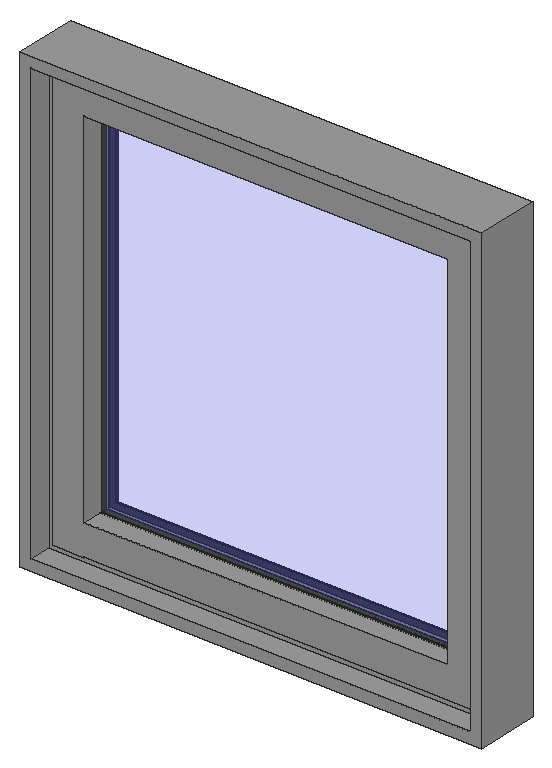
Revit family "SS_5_LAP IP001_v02", category Windows, host Wall, Revit 2015
Parameters
  Wall Thickness [instance] = 0' - 6"
  URL = "obe.com"
  Rough Width = Width + 0' 0 1/2"  # 3' - 0 1/2"
  Rough Height = Height + 0' 0 1/2"  # 3' - 0 1/2"
  Offset Limitation [instance] = if((Offset + 0' 5") > Wall Thickness, (Wall Thickness - 0' 5"), Offset)  # 0' - 0"
  Offset [instance] = 0' - 0"
  Model = "SS_5_LAP IP001"
  Manufacturer = "Oldcastle BuildingEnvelope®"
  Keynote = "08 51 00"
  Height = 3' - 0"
  Glass Material = Glass
  Gasket Material = Gasket
  Frame Material = Aluminum
  Description = "SIGNATURE SERIES 5 LAP"
  Default Sill Height = 3' - 0"
  Wall Closure = By host
  Width = 3' - 0"
  Assembly Code = "B2020"
Reference planes (in)
  plane 1 "Center (Front/Back)": y = 0
  plane 2: z = 0
  plane 3 "Center (Left/Right)": x = 0
  plane 4 "Left": x = -18.25
  plane 5 "Right": x = 18.25
  plane 6 "Sill": z = 36
  plane 7 "Top": z = 72.5
  plane 8: x = 18
  plane 9: x = -18
  plane 10: z = 72.25
  plane 11: z = 36.25
  plane 12 "Offset": y = 3
  plane 13: z = 39.25
  plane 14: z = 69.25
  plane 15 "INT": y = 1.451
Forms (in)
  Sweep 1, solid, material "Aluminum" <- "Frame Material"
    path origin (0, 3, 0) x (1, 0, 0) y (0, 0, 1)
      loop
        line (18, 72.5) -> (18, 36)
    profile origin (18, 3, 54.25) x (0, -1, 0) y (1, 0, 0)
      loop
        line (5.00003, 0.25) -> (0, 0.25) -> (0, -2.25) -> (0.08, -2.25) -> (0.08, -1.375) -> (3.25003, -1.375) -> (3.25003, -0.625) -> (5.00003, -0.625) -> (5.00003, 0.25)
  Sweep 2, solid, material "Aluminum" <- "Frame Material"
    path origin (0, 3, 0) x (-1, 0, 0) y (0, 0, 1)
      loop
        line (18, 72.5) -> (18, 36)
    profile origin (-18, 3, 54.25) x (0, -1, 0) y (1, 0, 0)
      loop
        line (5.00003, -0.25) -> (5.00003, 0.625) -> (3.25003, 0.625) -> (3.25003, 1.375) -> (0.08, 1.375) -> (0.08, 2.25) -> (0, 2.25) -> (0, -0.25) -> (5.00003, -0.25)
  Sweep 3, solid, material "Aluminum" <- "Frame Material"
    path origin (0, 3, 0) x (1, 0, 0) y (0, 0, 1)
      loop
        line (18.25, 72.25) -> (-18.25, 72.25)
    profile origin (0, 3, 72.25) x (0, 0, -1) y (0, -1, 0)
      loop
        line (-0.25, 0) -> (2.25, 0) -> (2.25, 0.08) -> (1.375, 0.08) -> (1.375, 3.25003) -> (0.625, 3.25003) -> (0.625, 5.00003) -> (-0.25, 5.00003) -> (-0.25, 0)
  Sweep 4, solid, material "Aluminum" <- "Frame Material"
    path origin (0, 3, 120.5) x (1, 0, 0) y (0, 0, -1)
      loop
        line (18.25, 84.25) -> (-18.25, 84.25)
    profile origin (0, 3, 36.25) x (0, 0, -1) y (0, -1, 0)
      loop
        line (0.25, 0) -> (0.25, 5.00003) -> (-0.625, 5.00003) -> (-0.625, 3.24999) -> (-1.375, 3.24999) -> (-1.375, 0.07997) -> (-2.25, 0.07997) -> (-2.25, 0) -> (0.25, 0)
  Sweep 5, solid, material "Gasket" <- "Gasket Material", detail levels fine
    path origin (0, 3, 0) x (1, 0, 0) y (0, 0, 1)
      loop
        line (14.375, 68.625) -> (-14.375, 68.625) -> (-14.375, 39.875) -> (14.375, 39.875) -> (14.375, 68.625)
    profile origin (0, 3, 68.625) x (0, 0, -1) y (0, -1, 0)
      loop
        line (0.014, 0.424) -> (0.014, 0.27489) -> (0.05125, 0.28625) -> (0.15422, 0.549) -> (-0.34093, 0.549) -> (-0.34093, 0.424) -> (0.014, 0.424)
  Sweep 6, solid, material "Gasket" <- "Gasket Material", detail levels fine
    path origin (0, 3, 0) x (1, 0, 0) y (0, 0, 1)
      loop
        line (14.22078, 68.47078) -> (-14.22078, 68.47078) -> (-14.22078, 40.02922) -> (14.22078, 40.02922) -> (14.22078, 68.47078)
    profile origin (0, 3, 68.47078) x (0, 0, -1) y (0, -1, 0)
      loop
        line (-0.31543, 1.749) -> (-0.3863, 1.66148) -> (-0.47673, 1.58826)
        arc (-0.47673, 1.58826) -> (-0.48814, 1.57024) -> (-0.4863, 1.549) r 0.03334
        line (-0.4863, 1.549) -> (-0.02922, 1.549) -> (-0.10919, 1.80922)
        arc (-0.10919, 1.80922) -> (-0.12756, 1.82771) -> (-0.1532, 1.82306) r 0.028
        line (-0.1532, 1.82306) -> (-0.14209, 1.749) -> (-0.31543, 1.749)
  Extrusion 7, solid, material "Glass" <- "Glass Material"
    sketch origin (0, 0, 36) x (0, -1, 0) y (1, 0, 0)
      loop
        line (-1.451, 15) -> (-2.451, 15) -> (-2.451, -15) -> (-1.451, -15) -> (-1.451, 15)
    from 3.25 to 33.25
  Sweep 8, solid, material "Aluminum" <- "Frame Material"
    path origin (0, 3, 0) x (1, 0, 0) y (0, 0, 1)
      loop
        line (-18, 37.38491) -> (-18, 71.1162)
    profile origin (-18, 3, 54.25056) x (-1, 0, 0) y (0, -1, 0)
      loop
        line (-3.625, 3.5) -> (-3.625, 1.749) -> (-3, 1.749) -> (-3, 0.424) -> (-3.625, 0.424) -> (-3.625, 0.25) -> (-1.82773, 0.25) -> (-1.82773, 3.375) -> (-1.1338, 3.375) -> (-1.15625, 3.5) -> (-3.625, 3.5)
  Sweep 9, solid, material "Aluminum" <- "Frame Material"
    path origin (0, 3, 0) x (1, 0, 0) y (0, 0, 1)
      loop
        line (18, 37.38491) -> (18, 71.1162)
    profile origin (18, 3, 54.25056) x (-1, 0, 0) y (0, -1, 0)
      loop
        line (1.82773, 0.25) -> (3.625, 0.25) -> (3.625, 0.424) -> (3, 0.424) -> (3, 1.749) -> (3.625, 1.749) -> (3.625, 3.5) -> (1.15625, 3.5) -> (1.1338, 3.375) -> (1.82773, 3.375) -> (1.82773, 0.25)
  Sweep 10, solid, material "Aluminum" <- "Frame Material"
    path origin (0, 3, 0) x (1, 0, 0) y (0, 0, 1)
      loop
        line (16.8662, 72.25) -> (-16.8662, 72.25)
    profile origin (0, 3, 72.25) x (0, 0, -1) y (0, -1, 0)
      loop
        line (3.625, 0.25) -> (3.625, 0.424) -> (3, 0.424) -> (3, 1.749) -> (3.625, 1.749) -> (3.625, 3.5) -> (1.15625, 3.5) -> (1.1338, 3.375) -> (1.82773, 3.375) -> (1.82773, 0.25) -> (3.625, 0.25)
  Sweep 11, solid, material "Aluminum" <- "Frame Material"
    path origin (0, 3, 0) x (1, 0, 0) y (0, 0, 1)
      loop
        line (16.8662, 36.25) -> (-16.8662, 36.25)
    profile origin (0, 3, 36.25) x (0, 0, -1) y (0, -1, 0)
      loop
        line (-1.82723, 0.25) -> (-1.82723, 3.375) -> (-1.13513, 3.375) -> (-1.15718, 3.5) -> (-3.625, 3.5) -> (-3.625, 1.749) -> (-3, 1.749) -> (-3, 0.424) -> (-3.625, 0.424) -> (-3.625, 0.25) -> (-1.82723, 0.25)
Cuts and joins
  joined: Sweep 1, Sweep 2, Sweep 3, Sweep 4
  joined: Sweep 8, Sweep 9, Sweep 10, Sweep 11
Lines and regions (in)
  Opening 1
    outline origin (-60, -3, 0) x (1, 0, 0) y (0, 0, 1)
      loop
        line (41.75, 72.5) -> (41.75, 36) -> (78.25, 36) -> (78.25, 72.5) -> (41.75, 72.5)
  model lines, style "Opening Direction"
    curve 1: line (14.375, 1.451, 68.625) -> (0, 1.451, 39.875)
    curve 2: line (0, 1.451, 39.875) -> (-14.375, 1.451, 68.625)
Text (in)
  text "EXTERIOR" at (-58.6888, 50.90694, 0), in view "Ref. Level"
  text "INTERIOR" at (-58.6888, -37.76638, 0), in view "Ref. Level"
  text "Exterior" at (0, 43.65631, 123.19604), in view "Left"
  text "Exterior" at (0, 18.29385, 125.04747), in view "Right"
  text "Min Operable Size\n\n14\" width x 18\" height\n\n\n\nMax Operable Size\n\n72\" x 48\"\n\n\n\nMax Operable Area\n\n20 square feet" at (92.73106, 66.45706, 0), in view "Ref. Level"
Dimensions and locks (in)
  equal spacing: plane 4 "Left", plane 3 "Center (Left/Right)", plane 5 "Right"
  "Rough Height": plane 6 "Sill" to plane 7 "Top"
  "Default Sill Height": plane 2 to plane 6 "Sill"
  locked: plane 6 "Sill" to plane 11 at 0.25
  locked: plane 8 to plane 5 "Right" at 0.25
  "Height": plane 11 to plane 10
  "Offset Limitation": plane 12 "Offset" to host wall
  "Wall Thickness": host wall to host wall
  "Width": plane 9 to plane 8
  "Rough Width": plane 4 "Left" to plane 5 "Right"
  plane 12 "Offset" to Extrusion 7 sketch curve to Extrusion 7 sketch curve = 0' - 0.549" locked, 0' - 1" locked
  locked: plane 10 to plane 14 at 3
  locked: plane 13 to plane 11 at 3
  locked: plane 15 "INT" to plane 12 "Offset" at 1.549
  aligned and locked: plane 7 "Top" to Opening 1 sketch curve
  aligned and locked: plane 6 "Sill" to Opening 1 sketch curve  (x2)
  aligned and locked: plane 5 "Right" to Opening 1 sketch curve
  aligned and locked: plane 4 "Left" to Opening 1 sketch curve
  aligned and locked: level to plane 2
  aligned and locked: plane 7 "Top" to Sweep 1 sketch curve
  aligned and locked: plane 6 "Sill" to Sweep 1 sketch curve
  aligned and locked: Sweep 1 sketch curve to plane 8
  aligned and locked: plane 7 "Top" to Sweep 2 sketch curve
  aligned and locked: plane 6 "Sill" to Sweep 2 sketch curve
  aligned and locked: Sweep 2 sketch curve to plane 9
  aligned and locked: plane 5 "Right" to Sweep 3 sketch curve
  aligned and locked: plane 4 "Left" to Sweep 3 sketch curve
  aligned and locked: plane 10 to Sweep 3 sketch curve
  aligned and locked: plane 5 "Right" to Sweep 4 sketch curve
  aligned and locked: plane 11 to Sweep 4 sketch curve
  aligned and locked: plane 4 "Left" to Sweep 4 sketch curve
  aligned and locked: Sweep 6 sketch curve to Sweep 5  (x3)
  aligned and locked: Sweep 5 to Sweep 6 sketch curve
  aligned and locked: Extrusion 7 to plane 13
  aligned and locked: plane 14 to Extrusion 7
  aligned and locked: plane 9 to Sweep 8 sketch curve
  aligned and locked: plane 8 to Sweep 9 sketch curve
  aligned and locked: plane 10 to Sweep 10 sketch curve
  aligned and locked: plane 11 to Sweep 11 sketch curve
  aligned and locked: plane 3 "Center (Left/Right)" to curve 2
Automatic sketch dimensions
  plane 12 "Offset" to Sweep 1 sketch curve = 0' - 0"
  profile plane to Sweep 1 sketch curve = 0' - 0 5/8"
  Sweep 1 sketch curve to profile plane = 0' - 0 1/4"
  plane 12 "Offset" to Sweep 2 sketch curve = 0' - 0"
  Sweep 2 sketch curve to profile plane = 0' - 0 5/8"
  profile plane to Sweep 2 sketch curve = 0' - 0 1/4"
  Sweep 3 sketch curve to plane 12 "Offset" = 0' - 0"
  profile plane to Sweep 3 sketch curve = 0' - 0 1/4"
  Sweep 3 sketch curve to profile plane = 0' - 0 5/8"
  Sweep 3 sketch curve to profile plane = 0' - 2 1/4"
  plane 12 "Offset" to Sweep 5 sketch curve = 0' - 0.424"
  profile plane to Sweep 5 sketch curve = 0' - 0.34093"
  Sweep 5 sketch curve to profile plane = 0' - 0.014"
  Sweep 5 sketch curve to Sweep 5 sketch curve = 0' - 0 1/8"
  Sweep 5 sketch curve to profile plane = 0' - 0.05125"
  Sweep 5 sketch curve to profile plane = 0' - 0.15422"
  Sweep 5 sketch curve to Sweep 5 sketch curve = 0' - 0.01136"
  Sweep 5 sketch curve to Sweep 5 sketch curve = 0' - 0.13775"
  profile plane to Sweep 6 sketch curve = 0' - 0.3863"
  plane 12 "Offset" to Sweep 6 sketch curve = 0' - 1.66148"
  Sweep 6 sketch curve to Sweep 6 sketch curve = 0' - 0.09043"
  Sweep 6 sketch curve to Sweep 6 sketch curve = 0' - 0.07087"
  Sweep 6 sketch curve to Sweep 6 sketch curve = 0' - 0.07323"
  Sweep 6 sketch curve to Sweep 6 sketch curve = 0' - 0.08751"
  Sweep 6 sketch curve to Sweep 6 sketch curve = 0' - 0.02098"
  Sweep 6 sketch curve to Sweep 6 sketch curve = 0' - 0.02591"
  Sweep 6 sketch curve to Sweep 6 sketch curve = 0' - 0.03056"
  profile plane to Sweep 6 sketch curve = 0' - 0.13596"
  Sweep 6 sketch curve to Sweep 6 sketch curve = 0' - 0.02676"
  Sweep 6 sketch curve to Sweep 6 sketch curve = 0' - 0.00823"
  profile plane to Sweep 6 sketch curve = 0' - 0.02922"
  Sweep 6 sketch curve to Sweep 6 sketch curve = 0' - 0.00613"
  Sweep 6 sketch curve to Sweep 6 sketch curve = 0' - 0.052"
  Sweep 6 sketch curve to Sweep 6 sketch curve = 0' - 0.01724"
  Extrusion 7 sketch curve to plane 9 = 0' - 3"
  plane 8 to Extrusion 7 sketch curve = 0' - 3"
  Sweep 1 sketch curve to Sweep 1 sketch curve = 0' - 1 3/4"
  plane 12 "Offset" to Sweep 1 sketch curve = 0' - 0.08"
  Sweep 1 sketch curve to Sweep 1 sketch curve = 0' - 3.17003"
  Sweep 1 sketch curve to Sweep 1 sketch curve = 0' - 0 7/8"
  Sweep 1 sketch curve to Sweep 1 sketch curve = 0' - 0 3/4"
  plane 8 to Sweep 5 sketch curve = 0' - 3 5/8"
  Sweep 2 sketch curve to Sweep 2 sketch curve = 0' - 0.08"
  Sweep 2 sketch curve to Sweep 2 sketch curve = 0' - 1 3/4"
  Sweep 2 sketch curve to Sweep 2 sketch curve = 0' - 3.17003"
  Sweep 2 sketch curve to Sweep 2 sketch curve = 0' - 0 3/4"
  Sweep 2 sketch curve to Sweep 2 sketch curve = 0' - 0 7/8"
  Sweep 5 sketch curve to plane 9 = 0' - 3 5/8"
  Sweep 3 sketch curve to Sweep 3 sketch curve = 0' - 1 3/4"
  plane 12 "Offset" to Sweep 3 sketch curve = 0' - 0.08"
  Sweep 3 sketch curve to Sweep 3 sketch curve = 0' - 0 3/4"
  Sweep 3 sketch curve to Sweep 3 sketch curve = 0' - 3.17003"
  Sweep 5 sketch curve to plane 14 = 0' - 0 5/8"
  Sweep 4 sketch curve to plane 12 "Offset" = 0' - 0"
  profile plane to Sweep 4 sketch curve = 0' - 1 3/8"
  profile plane to Sweep 4 sketch curve = 0' - 0 5/8"
  Sweep 4 sketch curve to profile plane = 0' - 0 1/4"
  plane 12 "Offset" to Sweep 4 sketch curve = 0' - 3 1/4"
  Sweep 4 sketch curve to Sweep 4 sketch curve = 0' - 1.75005"
  Sweep 4 sketch curve to Sweep 4 sketch curve = 0' - 0 7/8"
  Sweep 4 sketch curve to Sweep 4 sketch curve = 0' - 0.07997"
  plane 13 to Sweep 5 sketch curve = 0' - 0 5/8"
  Sweep 8 sketch curve to plane 11 = 0' - 1.13491"
  plane 10 to Sweep 8 sketch curve = 0' - 1.1338"
  profile plane to Sweep 8 sketch curve = 0' - 1 5/32"
  Sweep 8 sketch curve to Sweep 8 sketch curve = 0' - 0.02245"
  Sweep 8 sketch curve to Sweep 8 sketch curve = 0' - 0 1/8"
  plane 12 "Offset" to Sweep 8 sketch curve = 0' - 0 1/4"
  Sweep 8 sketch curve to Sweep 8 sketch curve = 0' - 1.79727"
  Sweep 8 sketch curve to Sweep 8 sketch curve = 0' - 0.67148"
  Sweep 8 sketch curve to Sweep 8 sketch curve = 0' - 0.174"
  Sweep 8 sketch curve to Sweep 8 sketch curve = 0' - 3 1/8"
  plane 12 "Offset" to Sweep 8 sketch curve = 0' - 1.749"
  Sweep 8 sketch curve to Sweep 8 sketch curve = 0' - 0"
  Sweep 8 sketch curve to Sweep 8 sketch curve = 0' - 0 5/8"
  Sweep 9 sketch curve to plane 11 = 0' - 1.13491"
  plane 10 to Sweep 9 sketch curve = 0' - 1.1338"
  plane 12 "Offset" to Sweep 9 sketch curve = 0' - 0 1/4"
  Sweep 9 sketch curve to Sweep 9 sketch curve = 0' - 1.79727"
  Sweep 9 sketch curve to Sweep 9 sketch curve = 0' - 0.174"
  Sweep 9 sketch curve to Sweep 9 sketch curve = 0' - 3.076"
  Sweep 9 sketch curve to profile plane = 0' - 1 5/32"
  Sweep 9 sketch curve to Sweep 9 sketch curve = 0' - 0 5/8"
  plane 12 "Offset" to Sweep 9 sketch curve = 0' - 1.749"
  Sweep 9 sketch curve to Sweep 9 sketch curve = 0' - 0"
  Sweep 9 sketch curve to Sweep 9 sketch curve = 0' - 0.02245"
  Sweep 9 sketch curve to Sweep 9 sketch curve = 0' - 0.67148"
  Sweep 9 sketch curve to Sweep 9 sketch curve = 0' - 0 1/8"
  Sweep 10 sketch curve to plane 9 = 0' - 1.1338"
  plane 8 to Sweep 10 sketch curve = 0' - 1.1338"
  plane 12 "Offset" to Sweep 10 sketch curve = 0' - 0 1/4"
  Sweep 10 sketch curve to Sweep 10 sketch curve = 0' - 1.79727"
  Sweep 10 sketch curve to Sweep 10 sketch curve = 0' - 0.174"
  Sweep 10 sketch curve to Sweep 10 sketch curve = 0' - 3.076"
  Sweep 10 sketch curve to profile plane = 0' - 1 5/32"
  Sweep 10 sketch curve to Sweep 10 sketch curve = 0' - 0 5/8"
  plane 12 "Offset" to Sweep 10 sketch curve = 0' - 1.749"
  Sweep 10 sketch curve to Sweep 10 sketch curve = 0' - 0"
  Sweep 10 sketch curve to Sweep 10 sketch curve = 0' - 0.02245"
  Sweep 10 sketch curve to Sweep 10 sketch curve = 0' - 0.69393"
  Sweep 10 sketch curve to Sweep 10 sketch curve = 0' - 0 1/8"
  Sweep 11 sketch curve to plane 9 = 0' - 1.1338"
  plane 8 to Sweep 11 sketch curve = 0' - 1.1338"
  Sweep 11 sketch curve to Sweep 11 sketch curve = 0' - 0"
  profile plane to Sweep 11 sketch curve = 0' - 3 5/8"
  plane 12 "Offset" to Sweep 11 sketch curve = 0' - 0 1/4"
  Sweep 11 sketch curve to Sweep 11 sketch curve = 0' - 0 5/8"
  Sweep 11 sketch curve to Sweep 11 sketch curve = 0' - 1.17277"
  Sweep 11 sketch curve to Sweep 11 sketch curve = 0' - 0.6921"
  Sweep 11 sketch curve to Sweep 11 sketch curve = 0' - 0.02204"
  Sweep 11 sketch curve to Sweep 11 sketch curve = 0' - 0.174"
  Sweep 11 sketch curve to Sweep 11 sketch curve = 0' - 1.325"
  Sweep 11 sketch curve to Sweep 11 sketch curve = 0' - 1.626"
  Sweep 11 sketch curve to Sweep 11 sketch curve = 0' - 0 1/8"
  plane 13 to curve 1 = 0' - 0 5/8"
  curve 2 to plane 14 = 0' - 0 5/8"
  curve 2 to plane 9 = 0' - 3 5/8"
  curve 1 to plane 14 = 0' - 0 5/8"
  plane 8 to curve 1 = 0' - 3 5/8"
